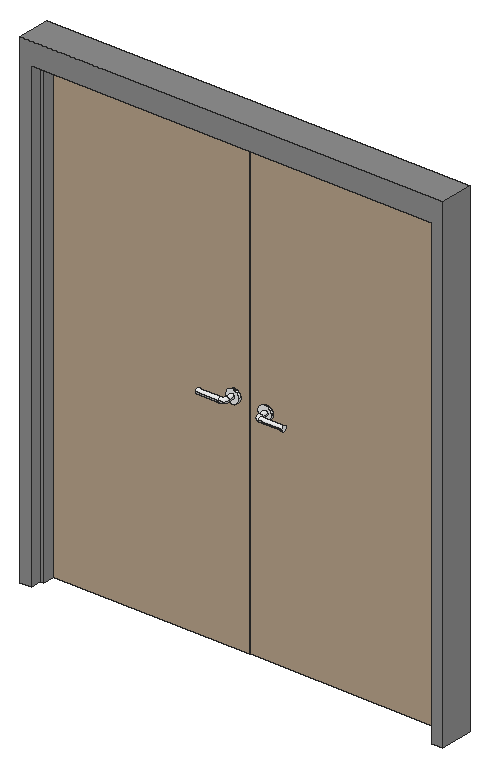
Revit family "M_Porta-Passagem-Dupla-Nivelada", category Portas, Revit 2019
Family settings
  Hospedeiro = Parede
  Número OmniClass = 23.30.10.00
  Título OmniClass = Doors
  Sempre na vertical = Sim
  Corte com vazios quando carregada = Não
  Compartilhado = Não
  Ponto de cálculo do ambiente = Não
Parameters
  Visual Light Transmittance = 0
  Espessura = 45 mm
  Resistência térmica (R) = 0.270118 (m²·K)/W
  Ângulo de abertura [instance] = 90.00°
  Altura do traçado = 1000 mm
  Solar Heat Gain Coefficient = 0
  SinglePanelWidth = Width / 2  # 900 mm
  Rough Width [instance] = Width + MFOpeningWidth  # 1900 mm
  Rough Height [instance] = Height + MFOpeningHeight  # 2200 mm
  Material do painel = Porta de metal - Malhada
  Moldura de alvenaria [instance] = yes
  MFOpeningHeight [instance] = if(Moldura de alvenaria, 100 mm, 30 mm)  # 100 mm
  MFOpeningWidth [instance] = if(Moldura de alvenaria, 100 mm, 60 mm)  # 100 mm
  Calcular inserção [instance] = if(Moldura de alvenaria, Inserção de alvenaria + 80 mm, 80 mm)  # 105 mm
  Inserção de alvenaria [instance] = 25 mm
  Height = 2100 mm
  Fechamento da parede = Por hospedeiro
  Width = 1800 mm
  Coeficiente de transferência de calor (U) = 3.70223 W/(m²·K)
  Função = Exterior
  Material da moldura = Metal - Pintado - Cinza
  Profundidade da moldura de alvenaria = 150 mm
  Moldura de Dry Wall [instance] = not(Moldura de alvenaria)  # no
  Material da maçaneta = Alumín. 1
  Código de montagem = "B2030200"
  Construção analítica = "Metal"
Reference planes
  plane 1 "Centro (Frente/Trás)": y = 0
  plane 2 "Centro (Esquerda/Direita)": x = 0
  plane 3 "Esquerda": x = -950
  plane 4 "Direita": x = 950
  plane 5 "Superior": z = 2200
  plane 6 "Exterior": y = 107.95
  plane 7 "Interior": y = -95.25
  plane 8 "Painel direito da porta": x = -900
  plane 9 "Painel esquerdo da porta": x = 900
  plane 10 "Topo do painel": z = 2100
  plane 11: z = 0
  plane 12: z = 0
  plane 13: y = 37.95
  plane 14: z = 1000
  plane 15: y = 82.95
  plane 16: y = -67.05
  plane 17: y = 33.187
  plane 18: x = -884.125
  plane 19: y = -17.838
  plane 20: z = 2149.2
  plane 21: y = 187.95
  plane 22: z = 2150
  plane 23: x = 920.05
  plane 24: x = 969.05
  plane 25: y = 120.65
  plane 26: y = -107.95
  plane 27: x = 904.175
  plane 28: y = 33.187
  plane 29: y = -4.913
  plane 30: y = 60.45
Forms (mm)
  Extrusion 1, solid, material "Porta de metal - Malhada" <- "Material do painel"
    sketch origin (0, 0, 0) x (1, 0, 0) y (0, 0, 1)
      loop
        line (900, 2100) -> (1.587, 2100) -> (1.587, 0) -> (900, 0) -> (900, 2100)
      loop
        line (-900, 0) -> (-1.588, 0) -> (-1.588, 2100) -> (-900, 2100) -> (-900, 0)
    from -82.95 to -37.95
  Sweep 2, solid, material "Metal - Pintado - Cinza" <- "Material da moldura", visible <- "Moldura de alvenaria"
    path origin (0, 107.95, 0) x (1, 0, 0) y (0, 0, 1)
      loop
        line (950, 0) -> (950, 2150) -> (-950, 2150) -> (-950, 0)
    profile origin (-950, 107.95, 1075) x (0, -1, 0) y (1, 0, 0)
      loop
        line (25, 50) -> (25, 0) -> (175, 0) -> (175, 50) -> (125.787, 50) -> (125.787, 65.875) -> (74.762, 65.875) -> (74.762, 50) -> (25, 50)
  Extrusion 3, solid, material "Metal - Pintado - Cinza" <- "Material da moldura", visible <- "Moldura de alvenaria"
    sketch origin (0, 0, 0) x (0, 1, 0) y (0, 0, 1)
      loop
        line (82.95, 2200) -> (-67.05, 2200) -> (-67.05, 2149.2) -> (82.95, 2149.2) -> (82.95, 2200)
    from -950 to 950
  Sweep 4, solid, material "Metal - Pintado - Cinza" <- "Material da moldura", visible <- "Moldura de Dry Wall"
    path origin (0, 107.95, 0) x (1, 0, 0) y (0, 0, 1)
      loop
        line (950, 0) -> (950, 2200) -> (-950, 2200) -> (-950, 0)
    profile origin (950, 107.95, 1100) x (-1, 0, 0) y (0, -1, 0)
      loop
        line (-19.05, -12.7) -> (29.95, -12.7) -> (29.95, 74.762) -> (45.825, 74.762) -> (45.825, 112.862) -> (29.95, 112.862) -> (29.95, 215.9) -> (-19.05, 215.9) -> (-19.05, 203.2) -> (0, 203.2) -> (0, 0) -> (-19.05, 0) -> (-19.05, -12.7)
Cuts and joins
  joined: Sweep 2, Extrusion 3
Lines and regions (mm)
  Opening 1
    outline origin (-2286, -95.25, 0) x (1, 0, 0) y (0, 0, 1)
      loop
        line (1336, 0) -> (3236, 0) -> (3236, 2200) -> (1336, 2200) -> (1336, 0)
  Masking region 1, visible <- "Moldura de alvenaria", detail levels coarse+medium
    outline origin (0, 0, 0) x (1, 0, 0) y (0, 1, 0)
      loop
        line (-950, 82.95) -> (-950, -67.05) -> (-900, -67.05) -> (-900, 82.95) -> (-950, 82.95)
      loop
        line (950, 82.95) -> (900, 82.95) -> (900, -67.05) -> (950, -67.05) -> (950, 82.95)
  Masking region 2, visible <- "Moldura de alvenaria", detail levels fine
    outline origin (0, 0, 0) x (1, 0, 0) y (0, 1, 0)
      loop
        line (-950, 82.95) -> (-950, -67.05) -> (-900, -67.05) -> (-900, -17.838) -> (-884.125, -17.838) -> (-884.125, 33.187) -> (-900, 33.187) -> (-900, 82.95) -> (-950, 82.95)
      loop
        line (950, 82.95) -> (900, 82.95) -> (900, 33.187) -> (884.125, 33.187) -> (884.125, -17.838) -> (900, -17.838) -> (900, -67.05) -> (950, -67.05) -> (950, 82.95)
  Masking region 3, visible <- "Moldura de Dry Wall", detail levels coarse+medium
    outline origin (0, 0, 0) x (1, 0, 0) y (0, 1, 0)
      loop
        line (920.05, -95.25) -> (950, -95.25) -> (950, 107.95) -> (920.05, 107.95) -> (920.05, -95.25)
      loop
        line (-950, 107.95) -> (-950, -95.25) -> (-920.05, -95.25) -> (-920.05, 107.95) -> (-950, 107.95)
  Masking region 4, visible <- "Moldura de Dry Wall", detail levels fine
    outline origin (0, 0, 0) x (1, 0, 0) y (0, 1, 0)
      loop
        line (-969.05, 120.65) -> (-969.05, 107.95) -> (-950, 107.95) -> (-950, -95.25) -> (-969.05, -95.25) -> (-969.05, -107.95) -> (-920.05, -107.95) -> (-920.05, -4.913) -> (-904.175, -4.913) -> (-904.175, 33.187) -> (-920.05, 33.187) -> (-920.05, 120.65) -> (-969.05, 120.65)
      loop
        line (969.05, 107.95) -> (969.05, 120.65) -> (920.05, 120.65) -> (920.05, 33.187) -> (904.175, 33.187) -> (904.175, -4.913) -> (920.05, -4.913) -> (920.05, -107.95) -> (969.05, -107.95) -> (969.05, -95.25) -> (950, -95.25) -> (950, 107.95) -> (969.05, 107.95)
Text (mm)
  text "Exterior" at (-1904.17, 693.701, 0), in view "Nível de referência"
  text "Interior" at (-1904.17, -638.649, 0), in view "Nível de referência"
  text "Exterior" at (0, 1019.848, 3124.603), in view "Direita"
  text "Interior" at (0, -1635.541, 3124.603), in view "Direita"
  text "Interior" at (0, -787.806, 3124.376), in view "Esquerda"
  text "Exterior" at (0, 1386.095, 3124.376), in view "Esquerda"
Dimensions and locks
  equal spacing: plane 3 "Esquerda", plane 2 "Centro (Esquerda/Direita)", plane 4 "Direita"
  "Rough Height": level to plane 5 "Superior"
  equal spacing: plane 8 "Painel direito da porta", plane 2 "Centro (Esquerda/Direita)", plane 9 "Painel esquerdo da porta"
  "Width": plane 8 "Painel direito da porta" to plane 9 "Painel esquerdo da porta"
  "Height": level to plane 10 "Topo do painel"
  plane 11 to plane 12 = 0 mm
  "Rough Width": plane 3 "Esquerda" to plane 4 "Direita"
  "Espessura": plane 15 to plane 13
  "Profundidade da moldura de alvenaria": plane 15 to plane 16
  locked: plane 13 to plane 17 at 4.763
  locked: plane 16 to plane 19 at 49.213
  locked: plane 8 "Painel direito da porta" to plane 18 at 15.875
  locked: plane 20 to plane 5 "Superior" at 50.8
  locked: plane 6 "Exterior" to plane 21 at 80
  "Calcular inserção": plane 21 to plane 15
  locked: plane 10 "Topo do painel" to plane 22 at 50
  locked: plane 4 "Direita" to plane 24 at 19.05
  locked: plane 6 "Exterior" to plane 25 at 12.7
  locked: plane 26 to plane 7 "Interior" at 12.7
  locked: plane 23 to plane 24 at 49
  plane 13 to plane 28 to plane 29 = 4.763 mm locked, 38.1 mm locked
  locked: plane 27 to plane 23 at 15.875
  "Altura do traçado": plane 11 to plane 14
  locked: Extrusion 1 sketch curve to plane 2 "Centro (Esquerda/Direita)" at 1.588
  locked: plane 2 "Centro (Esquerda/Direita)" to Extrusion 1 sketch curve at 1.587
  equal spacing: plane 15, plane 30, plane 13
  aligned and locked: plane 3 "Esquerda" to Opening 1 sketch curve
  aligned and locked: plane 5 "Superior" to Opening 1 sketch curve  (x2)
  aligned and locked: Opening 1 sketch curve to plane 4 "Direita"
  aligned and locked: Opening 1 sketch curve to level
  aligned and locked: plane 6 "Exterior" to host wall
  aligned and locked: plane 7 "Interior" to host wall
  aligned and locked: plane 11 to level
  aligned and locked: Extrusion 1 sketch curve to plane 10 "Topo do painel"
  aligned and locked: Extrusion 1 sketch curve to plane 8 "Painel direito da porta"
  aligned and locked: plane 9 "Painel esquerdo da porta" to Extrusion 1 sketch curve
  aligned and locked: Extrusion 1 sketch curve to plane 12
  aligned and locked: Extrusion 1 to plane 13
  aligned and locked: nested 1 to plane 9 "Painel esquerdo da porta"
  aligned and locked: nested 2 to plane 14
  aligned and locked: nested 3 to plane 13
  aligned and locked: plane 14 to nested 3
  aligned and locked: nested 2 to plane 15
  aligned and locked: Sweep 2 sketch curve to plane 3 "Esquerda"  (x2)
  aligned and locked: plane 11 to Sweep 2 sketch curve  (x2)
  aligned and locked: plane 18 to Sweep 2 sketch curve
  aligned and locked: plane 8 "Painel direito da porta" to Sweep 2 sketch curve  (x2)
  aligned and locked: Sweep 2 sketch curve to plane 17
  aligned and locked: plane 19 to Sweep 2 sketch curve
  aligned and locked: plane 16 to Sweep 2 sketch curve
  aligned and locked: Sweep 2 sketch curve to plane 15
  aligned and locked: Sweep 2 sketch curve to plane 4 "Direita"
  aligned and locked: plane 5 "Superior" to Extrusion 3 sketch curve
  aligned and locked: Extrusion 3 sketch curve to plane 16
  aligned and locked: Extrusion 3 sketch curve to plane 15
  aligned and locked: plane 20 to Extrusion 3 sketch curve
  aligned and locked: cut or joined group of Sweep 2, Extrusion 3 to plane 4 "Direita"
  aligned and locked: plane 3 "Esquerda" to cut or joined group of Sweep 2, Extrusion 3
  aligned and locked: Masking region 1 sketch curve to plane 15  (x2)
  aligned and locked: plane 8 "Painel direito da porta" to Masking region 1 sketch curve
  aligned and locked: plane 16 to Masking region 1 sketch curve  (x2)
  aligned and locked: Masking region 1 sketch curve to plane 3 "Esquerda"
  aligned and locked: Masking region 1 sketch curve to plane 4 "Direita"
  aligned and locked: plane 9 "Painel esquerdo da porta" to Masking region 1 sketch curve
  aligned and locked: Masking region 2 sketch curve to plane 3 "Esquerda"
  aligned and locked: plane 16 to Masking region 2 sketch curve  (x2)
  aligned and locked: plane 8 "Painel direito da porta" to Masking region 2 sketch curve  (x2)
  aligned and locked: Masking region 2 sketch curve to plane 15  (x2)
  aligned and locked: Masking region 2 sketch curve to cut or joined group of Sweep 2, Extrusion 3  (x4)
  aligned and locked: Masking region 2 sketch curve to plane 4 "Direita"
  aligned and locked: plane 9 "Painel esquerdo da porta" to Masking region 2 sketch curve  (x2)
  aligned and locked: cut or joined group of Sweep 2, Extrusion 3 to Masking region 2 sketch curve  (x2)
  aligned and locked: Sweep 2 sketch curve to plane 22
  aligned and locked: plane 4 "Direita" to Sweep 4 sketch curve
  aligned and locked: Sweep 4 sketch curve to plane 3 "Esquerda"
  aligned and locked: plane 24 to Sweep 4 sketch curve  (x2)
  aligned and locked: Sweep 4 sketch curve to plane 7 "Interior"
  aligned and locked: plane 26 to Sweep 4 sketch curve
  aligned and locked: Sweep 4 sketch curve to plane 23  (x2)
  aligned and locked: plane 29 to Sweep 4 sketch curve
  aligned and locked: plane 27 to Sweep 4 sketch curve
  aligned and locked: Sweep 4 sketch curve to plane 28
  aligned and locked: Sweep 4 sketch curve to plane 25
  aligned and locked: plane 6 "Exterior" to Sweep 4 sketch curve
  aligned and locked: Sweep 4 sketch curve to plane 4 "Direita"
  aligned and locked: plane 5 "Superior" to Sweep 4 sketch curve
  aligned and locked: Masking region 3 sketch curve to plane 6 "Exterior"
  aligned and locked: plane 7 "Interior" to Masking region 3 sketch curve
  aligned and locked: Masking region 3 sketch curve to plane 4 "Direita"
  aligned and locked: Masking region 3 sketch curve to Sweep 4  (x2)
  aligned and locked: plane 6 "Exterior" to Masking region 3 sketch curve
  aligned and locked: Masking region 3 sketch curve to plane 3 "Esquerda"
  aligned and locked: Masking region 3 sketch curve to plane 7 "Interior"
  aligned and locked: Masking region 4 sketch curve to plane 3 "Esquerda"
  aligned and locked: Masking region 4 sketch curve to Sweep 4  (x13)
  aligned and locked: Masking region 4 sketch curve to plane 6 "Exterior"
  aligned and locked: plane 7 "Interior" to Masking region 4 sketch curve
  aligned and locked: Masking region 4 sketch curve to plane 4 "Direita"
  aligned and locked: Masking region 4 sketch curve to plane 7 "Interior"
  aligned and locked: Sweep 4 to Masking region 4 sketch curve  (x5)
  aligned and locked: plane 6 "Exterior" to Masking region 4 sketch curve
  aligned and locked: plane 11 to Sweep 4 sketch curve  (x2)
  aligned and locked: plane 2 "Centro (Esquerda/Direita)" to nested 2
  aligned and locked: nested 3 to plane 2 "Centro (Esquerda/Direita)"
  aligned and locked: plane 13 to nested 5
  aligned and locked: plane 2 "Centro (Esquerda/Direita)" to nested 4
  aligned and locked: nested 5 to plane 2 "Centro (Esquerda/Direita)"
  aligned and locked: plane 12 to Extrusion 1 sketch curve
  aligned and locked: nested 6 to plane 8 "Painel direito da porta"
  aligned and locked: plane 14 to nested 4
  aligned and locked: plane 15 to nested 6
  aligned and locked: nested 1 to plane 15
Automatic sketch dimensions
  Extrusion 1 sketch curve to plane 10 "Topo do painel" = 0 mm
Nested families
  nested 1: "Porta com abertura única" at (900, 82.95, 0), Ângulo de abertura <- "Ângulo de abertura", type "Único"
    with Abertura visível yes, Ângulo de abertura 90.00°, Ângulo real 90.00°
  nested 2: "M_Alavanca da maçaneta" at (-150, 82.95, 1000), type "Padrão", detail levels fine
  nested 3: "M_Alavanca da maçaneta" at (-150, 37.95, 1000), type "Padrão", detail levels fine
  nested 4: "M_Alavanca da maçaneta" at (150, 82.95, 1000) x (-1, 0, 0) z (0, 0, 1), type "Padrão", detail levels fine
  nested 5: "M_Alavanca da maçaneta" at (150, 37.95, 1016) x (-1, 0, 0) z (0, 0, 1), type "Padrão", detail levels fine
  nested 6: "Porta com abertura única" at (-900, 82.95, 0) x (-1, 0, 0) z (0, 0, 1), Ângulo de abertura <- "Ângulo de abertura", type "Único"
    with Abertura visível yes, Ângulo de abertura 90.00°, Ângulo real 90.00°
Definition of nested family "M_Alavanca da maçaneta"
  Parameters (values of type "Padrão")
    Material = none
    Distância Z da maçaneta = 0 mm
    Distância X da maçaneta = 75.009 mm
    Assembly Code = ""
    Analytic Construction = "<Nenhum>"
  Reference planes
    plane 1 "Centro (Frente/Trás)": y = 0
    plane 2: z = 0
    plane 3 "Centro (Esquerda/Direita)": x = 150
    plane 4: z = 0
    plane 5 "Maçaneta C/L": x = 225.009
  Forms (mm)
    Extrusion 1, solid, material <- "Material"
      sketch origin (300, 0, 0) x (1, 0, 0) y (0, 0, -1)
        loop
          circle (-77.491, 0) r 30
      from 0 to 8
    Sweep 2, solid, material <- "Material"
      path origin (0, 0, 0) x (0, -1, 0) y (1, 0, 0)
        loop
          line (-8, 225.009) -> (-38, 225.009)
          arc (-38, 225.009) -> (-48.607, 229.403) -> (-53, 240.009) r 15
          line (-53, 240.009) -> (-53, 345.009)
      profile origin (225.009, 23, 0) x (1, 0, 0) y (0, 0, 1)
        loop
          circle (0, 0) r 10
  Dimensions and locks
    "Distância Z da maçaneta": plane 4 to level
    Sweep 2 sketch curve to Sweep 2 sketch curve = 105 mm
    "Distância X da maçaneta": plane 5 "Maçaneta C/L" to plane 3 "Centro (Esquerda/Direita)"
    plane 5 "Maçaneta C/L" to Sweep 2 sketch curve = 120 mm
    aligned and locked: plane 4 to Extrusion 1 sketch curve
  Automatic sketch dimensions
    Sweep 2 sketch curve to profile plane = 0 mm  (x2)
    Sweep 2 sketch curve to plane 5 "Maçaneta C/L" = 0 mm
    Sweep 2 sketch curve to plane 1 "Centro (Frente/Trás)" = 53 mm
    Sweep 2 sketch curve to plane 1 "Centro (Frente/Trás)" = 8 mm
    Extrusion 1 sketch curve to plane 5 "Maçaneta C/L" = 2.5 mm
    radius of Sweep 2 sketch curve = 10 mm
    radius of Extrusion 1 sketch curve = 30 mm
Definition of nested family "Porta com abertura única"
  Parameters (values of type "Único")
    Width = 900 mm
    Thickness = 45 mm
    Abertura visível [instance] = Ângulo de abertura > 1.00°  # yes
    Ângulo de abertura [instance] = 45.00°
    Assembly Code = ""
    Analytic Construction = "<Nenhum>"
    Ângulo real [instance] = if(Ângulo de abertura < 1.00°, 1.00°, Ângulo de abertura)  # 45.00°
  Reference planes
    plane 1 "Centro (Frente/Trás)": y = 0
    plane 2: z = 0
    plane 3 "Centro (Esquerda/Direita)": x = 0
    plane 4: x = -900
  Lines and regions (mm)
    Masking region 1
      outline origin (0, 0, 0) x (-0.707107, 0.707107, 0) y (-0.707107, -0.707107, 0)
        loop
          line (0, 0) -> (900, 0) -> (900, 45) -> (0, 45) -> (0, 0)
    symbolic lines
      curve 1: line (0, 0, 0) -> (-900, 0, 0)
    symbolic lines, visible <- "Abertura visível"
      curve 2: arc (-900, 0, 0) -> (-831.492, 344.415, 0) -> (-636.396, 636.396, 0) r 900
    reference lines
      curve 3: line (0, 0, 0) -> (-636.396, 636.396, 0)
    model lines
      curve 4: line (0, 0, 0) -> (0, 0, 25.4)
  Dimensions and locks
    "Width": plane 4 to plane 3 "Centro (Esquerda/Direita)"
    locked: curve 2 to plane 3 "Centro (Esquerda/Direita)"
    locked: curve 2 to plane 1 "Centro (Frente/Trás)"
    "Width": curve 3 to curve 3
    "Thickness": Masking region 1 sketch curve to Masking region 1 sketch curve
    locked: curve 4 to plane 2 at 25.4
    "Width": radius of curve 2
    "Ângulo real": angle curve 2 to curve 2
    "Ângulo de abertura": angle curve 3 to plane 1 "Centro (Frente/Trás)"
    aligned and locked: curve 1 to plane 1 "Centro (Frente/Trás)"
    aligned and locked: plane 3 "Centro (Esquerda/Direita)" to curve 1
    aligned and locked: plane 3 "Centro (Esquerda/Direita)" to curve 3
    aligned and locked: plane 1 "Centro (Frente/Trás)" to curve 3
    aligned and locked: curve 3 to Masking region 1 sketch curve
    aligned and locked: Masking region 1 sketch curve to curve 3  (x2)
    aligned and locked: plane 3 "Centro (Esquerda/Direita)" to curve 4
    aligned and locked: plane 2 to curve 4
Types in the file's own list only (9): name | Transmissão de luz visual | Resistência térmica (R) | Coeficiente de ganho de calor solar | SinglePanelWidth | Altura | Largura | Coeficiente de transferência de calor (U)
  1700 x 2000mm | 0 | 0.2701 (m²·K)/W | 0 | 850 mm | 2000 mm | 1700 mm | 3.7022 W/(m²·K)
  1700 x 2100mm | 0 | 0.2701 (m²·K)/W | 0 | 850 mm | 2100 mm | 1700 mm | 3.7022 W/(m²·K)
  1800 x 2000mm | 0 | 0.2701 (m²·K)/W | 0 | 900 mm | 2000 mm | 1800 mm | 3.7022 W/(m²·K)
  1800 x 2050mm | 0 | 0.2701 (m²·K)/W | 0 | 900 mm | 2050 mm | 1800 mm | 3.7022 W/(m²·K)
  1800 x 2100mm | 0 | 0.2701 (m²·K)/W | 0 | 900 mm | 2100 mm | 1800 mm | 3.7022 W/(m²·K)
  2100 x 2000mm | 0 | 0.2701 (m²·K)/W | 0 | 1050 mm | 2000 mm | 2100 mm | 3.7022 W/(m²·K)
  2100 x 2100mm | 0 | 0.2701 (m²·K)/W | 0 | 1050 mm | 2100 mm | 2100 mm | 3.7022 W/(m²·K)
  2400 x 2000mm | 0 | 0.2701 (m²·K)/W | 0 | 1200 mm | 2000 mm | 2400 mm | 3.7022 W/(m²·K)
  2400 x 2100mm | 0 | 0.2701 (m²·K)/W | 0 | 1200 mm | 2100 mm | 2400 mm | 3.7022 W/(m²·K)
